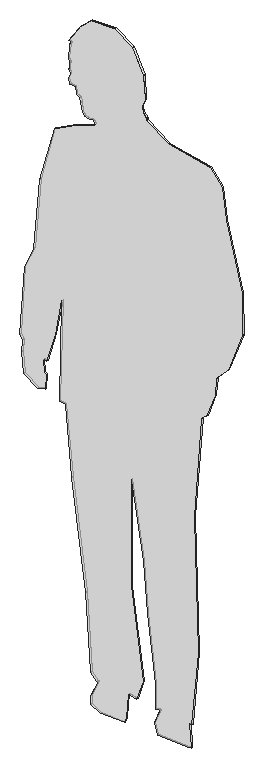
Revit family "Flat Man 23", category Entourage, Revit 2015
Parameters
  Flat Material [instance] = none
  Height = 0 mm
Reference planes
  plane 1 "Center (Front/Back)": y = 0
  plane 2: z = 0
  plane 3 "Center (Left/Right)": x = 0
Forms (mm)
  Extrusion 1, solid, material <- "Flat Material"
    sketch origin (0, 0, 0) x (1, 0, 0) y (0, 0, 1)
      loop
        line (74.898, 29.774) -> (81.958, 0) -> (165.836, 0) -> (176.979, 2.762) -> (172.414, 61.525) -> (178.064, 58.659) -> (195.686, 246.925) -> (185.886, 578.119) -> (206.066, 833.073) -> (219.515, 841.011) -> (243.411, 902.447) -> (247.672, 946.861) -> (280.371, 978.769) -> (319.962, 1078.772) -> (318.952, 1182.852) -> (273.668, 1348.511) -> (262.401, 1425.76) -> (229.193, 1463.551) -> (114.542, 1482.641) -> (53.924, 1519.852) -> (53.249, 1523.651) -> (43.508, 1535.851) -> (40.199, 1549.332) -> (48.872, 1570.141) -> (45.614, 1629.042) -> (14.283, 1687.031) -> (-34.92, 1716.301) -> (-100.757, 1713.041) -> (-130.544, 1689.18) -> (-152.766, 1657.31) -> (-164.785, 1640.93) -> (-157.015, 1640.93) -> (-160.583, 1634.432) -> (-164.231, 1596.441) -> (-159.936, 1587.921) -> (-161.603, 1580.841) -> (-162.6, 1570.48) -> (-159.327, 1562.45) -> (-163.714, 1548.512) -> (-159.984, 1535.141) -> (-147.895, 1533.981) -> (-144.691, 1535.311) -> (-141.673, 1516.47) -> (-132.083, 1512.43) -> (-129.934, 1500.471) -> (-125.782, 1477.421) -> (-119.196, 1469.86) -> (-106.25, 1465.961) -> (-96.717, 1468.17) -> (-88.833, 1460.371) -> (-152.766, 1435.15) -> (-203.505, 1408.642) -> (-243.53, 1268.52) -> (-260.574, 1090.651) -> (-287.066, 1037.96) -> (-299.133, 863.316) -> (-290.705, 854.572) -> (-293.686, 823.49) -> (-287.371, 771.832) -> (-249.27, 747.702) -> (-228.847, 751.743) -> (-225.056, 791.302) -> (-230.432, 794.214) -> (-234.529, 823.42) -> (-224.001, 823.298) -> (-200.783, 899.157) -> (-182.556, 988.228) -> (-188.695, 735.027) -> (-172.296, 733.456) -> (-154.748, 559.141) -> (-115.733, 286.745) -> (-101.448, 91.927) -> (-85.227, 76.258) -> (-81.917, 76.683) -> (-101.695, 34.986) -> (-101.695, 14.17) -> (-75.063, 0) -> (-8.393, 0) -> (-4.181, 12.682) -> (1.807, 74.846) -> (26.206, 70.709) -> (43.894, 121.496) -> (10.786, 344.696) -> (10.786, 464.396) -> (10.786, 612.514) -> (43.894, 419.714) -> (54.812, 295.29) -> (77.371, 125.038) -> (77.371, 62.586) -> (89.155, 65.172) -> (74.898, 29.774)
    from -2.5 to 2.5
Lines and regions (mm)
  model lines
    curve 1: line (-150, 0, 0) -> (150, 0, 0)
    curve 2: line (0, -150, 0) -> (0, 150, 0)
Dimensions and locks
  aligned and locked: level to plane 2
